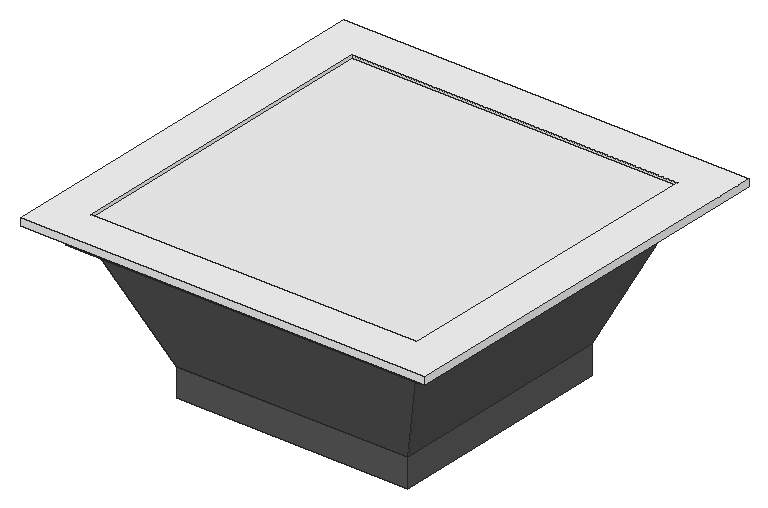
Revit family "3031705 Feilo Sylvania Lighting Fixture SYL-LIGHTER SQ 225 LED 21W NW DIM", category Lighting Fixtures, host Face, Revit 2017
Family settings
  Host = Face
  Round Connector Dimension = Use Diameter
  Part Type = Normal
  OmniClass Number = 23.80.70.00
  OmniClass Title = Lighting
  Cut with Voids When Loaded = No
  Light Source = Yes
  Shared = No
  Room Calculation Point = No
Parameters (values of type "3031705 SYL-LIGHTER SQ 225 LED 21W NW DIM")
  Width_FEILO = 225 mm
  WidthCutOut_FEILO = 205 mm
  Weight = "8.152 kg"
  Wattage Comments = ""
  Wattage = 21 W
  WarrantyStartDate [instance] = "n/a"
  WarrantyGuarantorParts = "n/a"
  WarrantyDurationUnit = "n/a"
  WarrantyDurationParts = "n/a"
  WarrantyDescription = "n/a"
  built-in parameter 1150110 = 1 (stored number, unit not read)
  Voltage = 230 V
  URL = "http://www.sylvania-lighting.com"
  TypeName = "SYL-LIGHTER SQ 225 LED 21W NW DIM"
  Type Image = <None>
  Type Comments = "n/a"
  built-in parameter 1114217 = 1 (stored number, unit not read)
  Tilt Angle = -90.00°
  built-in parameter 1150109 = 1 (stored number, unit not read)
  built-in parameter 1150134 = 12
  built-in parameter 1150113 = 1 (stored number, unit not read)
  SerialNumber [instance] = "n/a"
  Photometric Web File = "3031705.ies"
  Offset3_FEILO = Width_FEILO / 8.5  # 26.471 mm
  Offset2_FEILO = Width_FEILO / 28.3333  # 7.941 mm
  Offset1_FEILO = Width_FEILO / 56.6667  # 3.971 mm
  Material_3_FEILO = Diffuser-Sylvania-InsaverHoTopperSquare
  PowerFactor = 0
  PowerConsumption = "21 W"
  NominalLength = 225 mm
  NominalHeight = 90 mm
  NominalDepth = 225 mm
  Name = "SYL-LIGHTER SQ 225 LED 21W NW DIM"
  ModelReference = Name  # "SYL-LIGHTER SQ 225 LED 21W NW DIM"
  ModelNumber = "3031705"
  Model = Name  # "SYL-LIGHTER SQ 225 LED 21W NW DIM"
  Material = "polycarbonate diffuser"
  ManufacturerName = "Feilo Sylvania"
  Manufacturer = "Feilo Sylvania"
  LuminousEfficacy = "80 lm/W"
  built-in parameter 1150105 = 789.12 (stored number, unit not read)
  Lumens = 1680 lm
  LuminaireType = ""
  built-in parameter 1150115 = 1 (stored number, unit not read)
  LightOutputRatio = "n/a"
  built-in parameter 1150137 = (empty or 0)
  built-in parameter 1150139 = (empty or 0)
  LampsType = Lamp  # "LED"
  LampNominalLuminous = "1678 lm"
  LampMacAdamStep = "n/a"
  LampColourTemperature = "4000 K"
  LampColourRenderingIndex = "0"
  built-in parameter 1150112 = 1 (stored number, unit not read)
  built-in parameter 1150114 = 1 (stored number, unit not read)
  Lamp = "LED"
  Keynote = "16500"
  InstallationDate [instance] = "n/a"
  InputVoltage = "220-240V~"
  InputNominalFrequency = "n/a"
  built-in parameter 1150132 = (empty or 0)
  built-in parameter 1150102 = (empty or 0)
  built-in parameter 1150107 = 4000 (stored number, unit not read)
  built-in parameter 1150138 = (empty or 0)
  IngressProtection = "IP44"
  ImpactProtectionIndex = "IK02"
  built-in parameter 1150106 = 7.8912 (stored number, unit not read)
  IfcExportType = "IfcLightFixtureType"
  IfcExportAs = "IfcLightFixtureType"
  HieghtCutOut_FEILO = HeightRecessed_FEILO / 0.8  # 112.5 mm
  HieghtBezel_FEILO = 4 mm
  HeightRecessed_FEILO = 90 mm
  HeightMiddle_FEILO = HeightRecessed_FEILO / 8.5  # 10.588 mm
  HeightBlend_FEILO = HeightRecessed_FEILO / 1.4167  # 63.529 mm
  ExpectedLife = 50000
  Emit from Rectangle Width = WidthCutOut_FEILO - 2 * (Offset1_FEILO + Offset2_FEILO)  # 181.176 mm
  Emit from Rectangle Length = WidthCutOut_FEILO - 2 * (Offset1_FEILO + Offset2_FEILO)  # 181.176 mm
  Emit Shape Visible in Rendering = no
  ElectricShockClassification = "n/a"
  built-in parameter 1150104 = 7.4322 (stored number, unit not read)
  DurationUnit = "hours"
  DocumentationLiterature = "http://www.sylvania-lighting.com/product/en-int/products/3031705"
  DimmingControlOptions = "n/a"
  Material_2_FEILO = Body-Sylvania-InsaverHoTopperSquare-Black
  Dimming Lamp Color Temperature Shift = <None>
  Description = ""
  Default Elevation = 1219.2 mm
  CreatedOn = "2/20/2018"
  CreatedBy = ""
  Cost = 0
  Color Filter = 16777215
  built-in parameter 1114216 [instance] = (empty or 0)
  ClassificationValue = "EF_70_80"
  ClassificationName = "Uniclass2015"
  Material_1_FEILO = Bezel-Sylvania-InsaverHoTopperSquare-White
  BarCode [instance] = "n/a"
  built-in parameter 1114218 = 1 (stored number, unit not read)
  built-in parameter 1150133 = 10 (stored number, unit not read)
  AssetType = "Fixed"
  AssetIdentifier [instance] = "n/a"
  Assembly Code = "D5020200"
  Apparent Load = 21 VA
  Material_4_FEILO = none
Reference planes
  plane 1 "Center (Front/Back)": y = 0
  plane 2: z = 0
  plane 3 "Center (Left/Right)": x = 0
  plane 4: x = 102.5
  plane 5: x = -102.5
  plane 6: x = -112.5
  plane 7: x = 112.5
  plane 8: x = -98.529
  plane 9: x = 98.529
  plane 10: z = -112.5
  plane 11: z = 4
  plane 12: z = -10.588
  plane 13: z = -90
  plane 14: y = 112.5
  plane 15: y = -112.5
  plane 16: y = 102.5
  plane 17: y = -102.5
  plane 18: y = 98.529
  plane 19: y = -98.529
  plane 20: z = 2.5
  plane 21: x = -90.588
  plane 22: y = 90.588
  plane 23: x = 90.588
  plane 24: y = -90.588
  plane 25: x = -64.118
  plane 26: y = 64.118
  plane 27: x = 64.118
  plane 28: y = -64.118
  plane 29: z = -74.117
Forms (mm)
  Extrusion 1, void
    sketch origin (0, 0, 0) x (1, 0, 0) y (0, 1, 0)
      loop
        line (-102.5, 102.5) -> (-102.5, -102.5) -> (102.5, -102.5) -> (102.5, 102.5) -> (-102.5, 102.5)
    from 0 to -112.5
  Extrusion 2, solid, material "Bezel-Sylvania-InsaverHoTopperSquare-White" <- "Material_1_FEILO"
    sketch origin (0, 0, 0) x (1, 0, 0) y (0, 1, 0)
      loop
        line (-112.5, 112.5) -> (-112.5, -112.5) -> (112.5, -112.5) -> (112.5, 112.5) -> (-112.5, 112.5)
      loop
        line (-90.588, 90.588) -> (-90.588, -90.588) -> (90.588, -90.588) -> (90.588, 90.588) -> (-90.588, 90.588)
    from 0 to 4
  Extrusion 3, solid, material "Diffuser-Sylvania-InsaverHoTopperSquare" <- "Material_3_FEILO"
    sketch origin (0, 0, 0) x (1, 0, 0) y (0, 1, 0)
      loop
        line (-90.588, 90.588) -> (-90.588, -90.588) -> (90.588, -90.588) -> (90.588, 90.588) -> (-90.588, 90.588)
    from 0 to 2.5
  Extrusion 4, solid, material "Bezel-Sylvania-InsaverHoTopperSquare-White" <- "Material_1_FEILO"
    sketch origin (0, 0, 0) x (1, 0, 0) y (0, 1, 0)
      loop
        line (-98.529, 98.529) -> (-98.529, -98.529) -> (98.529, -98.529) -> (98.529, 98.529) -> (-98.529, 98.529)
    from 0 to -10.588
  Blend 5, solid, material "Body-Sylvania-InsaverHoTopperSquare-Black" <- "Material_2_FEILO"
    base sketch origin (1223.4, -4572, -10.588) x (0, -1, 0) y (1, 0, 0)
      loop
        line (-4662.588, -1313.988) -> (-4481.412, -1313.988) -> (-4481.412, -1132.812) -> (-4662.588, -1132.812) -> (-4662.588, -1313.988)
    top sketch origin (1223.4, -4572, -10.588) x (0, -1, 0) y (1, 0, 0)
      loop
        line (-4636.118, -1287.518) -> (-4507.882, -1287.518) -> (-4507.882, -1159.282) -> (-4636.118, -1159.282) -> (-4636.118, -1287.518)
    from 0 to -63.529
  Extrusion 6, solid, material "Body-Sylvania-InsaverHoTopperSquare-Black" <- "Material_2_FEILO"
    sketch origin (1223.4, -4572, -74.117) x (0, -1, 0) y (-1, 0, 0)
      loop
        line (-4636.118, 1287.518) -> (-4636.118, 1159.282) -> (-4507.882, 1159.282) -> (-4507.882, 1287.518) -> (-4636.118, 1287.518)
    from 15.883 to 0
Dimensions and locks
  "HieghtCutOut_FEILO": plane 2 to plane 10
  "HieghtBezel_FEILO": plane 11 to plane 2
  "HeightMiddle_FEILO": plane 2 to plane 12
  "HeightRecessed_FEILO": plane 2 to plane 13
  equal spacing: plane 19, plane 1 "Center (Front/Back)", plane 18
  equal spacing: plane 17, plane 1 "Center (Front/Back)", plane 16
  equal spacing: plane 15, plane 1 "Center (Front/Back)", plane 14
  "Width_FEILO": plane 15 to plane 14
  "WidthCutOut_FEILO": plane 17 to plane 16
  "Offset1_FEILO": plane 18 to plane 16
  equal spacing: plane 6, plane 3 "Center (Left/Right)", plane 7
  "Width_FEILO": plane 6 to plane 7
  equal spacing: plane 5, plane 3 "Center (Left/Right)", plane 4
  "WidthCutOut_FEILO": plane 5 to plane 4
  equal spacing: plane 8, plane 3 "Center (Left/Right)", plane 9
  "Offset1_FEILO": plane 5 to plane 8
  locked: plane 11 to plane 20 at 1.5
  equal spacing: plane 21, plane 3 "Center (Left/Right)", plane 23
  equal spacing: plane 24, plane 1 "Center (Front/Back)", plane 22
  "Offset2_FEILO": plane 22 to plane 18
  "Offset2_FEILO": plane 8 to plane 21
  equal spacing: plane 25, plane 3 "Center (Left/Right)", plane 27
  equal spacing: plane 28, plane 1 "Center (Front/Back)", plane 26
  "Offset3_FEILO": plane 26 to plane 22
  "Offset3_FEILO": plane 21 to plane 25
  "HeightBlend_FEILO": plane 12 to plane 29
  aligned and locked: plane 2 to host face
  aligned and locked: level to host face
  aligned and locked: plane 16 to Extrusion 1 sketch curve
  aligned and locked: plane 5 to Extrusion 1 sketch curve
  aligned and locked: Extrusion 1 sketch curve to plane 17
  aligned and locked: Extrusion 1 sketch curve to plane 4
  aligned and locked: level to Extrusion 1
  aligned and locked: plane 10 to Extrusion 1
  aligned and locked: plane 14 to Extrusion 2 sketch curve
  aligned and locked: plane 6 to Extrusion 2 sketch curve
  aligned and locked: Extrusion 2 sketch curve to plane 15
  aligned and locked: Extrusion 2 sketch curve to plane 7
  aligned and locked: plane 22 to Extrusion 2 sketch curve
  aligned and locked: plane 21 to Extrusion 2 sketch curve
  aligned and locked: Extrusion 2 sketch curve to plane 24
  aligned and locked: Extrusion 2 sketch curve to plane 23
  aligned and locked: Extrusion 2 to plane 11
  aligned and locked: Extrusion 2 to level
  aligned and locked: Extrusion 3 sketch curve to Extrusion 2  (x4)
  aligned and locked: Extrusion 3 to plane 20
  aligned and locked: Extrusion 3 to level
  aligned and locked: plane 18 to Extrusion 4 sketch curve
  aligned and locked: plane 8 to Extrusion 4 sketch curve
  aligned and locked: Extrusion 4 sketch curve to plane 19
  aligned and locked: Extrusion 4 sketch curve to plane 9
  aligned and locked: plane 12 to Extrusion 4
  aligned and locked: level to Extrusion 4
  aligned and locked: Blend 5 sketch curve to Extrusion 2  (x4)
  aligned and locked: Blend 5 sketch curve to plane 26
  aligned and locked: Blend 5 sketch curve to plane 25
  aligned and locked: plane 28 to Blend 5 sketch curve
  aligned and locked: plane 27 to Blend 5 sketch curve
  aligned and locked: plane 12 to Blend 5
  aligned and locked: plane 29 to Blend 5
  aligned and locked: Extrusion 6 sketch curve to Blend 5  (x4)
  aligned and locked: plane 13 to Extrusion 6
  aligned and locked: Extrusion 6 to plane 29
  aligned and locked: plane 3 "Center (Left/Right)" to imposter light
  aligned and locked: imposter light to plane 1 "Center (Front/Back)"
  aligned and locked: imposter light to plane 20
Automatic sketch dimensions
  host sketch curve to host sketch curve = 2438.4 mm  (x2)
Connectors
  electrical at (0, 0, 0), driven by "Apparent Load", driven by "PowerFactor", driven by "Voltage"
    settings: index 1, voltage 230 V, apparent load 21 VA, apparent load phase1 0 VA, apparent load phase2 0 VA, apparent load phase3 0 VA, power factor 0, load classification "Lighting", number of poles 1, system type 30, power factor state 1, is connector primary yes, connector utility no, sub classification motor no, connector description ""
